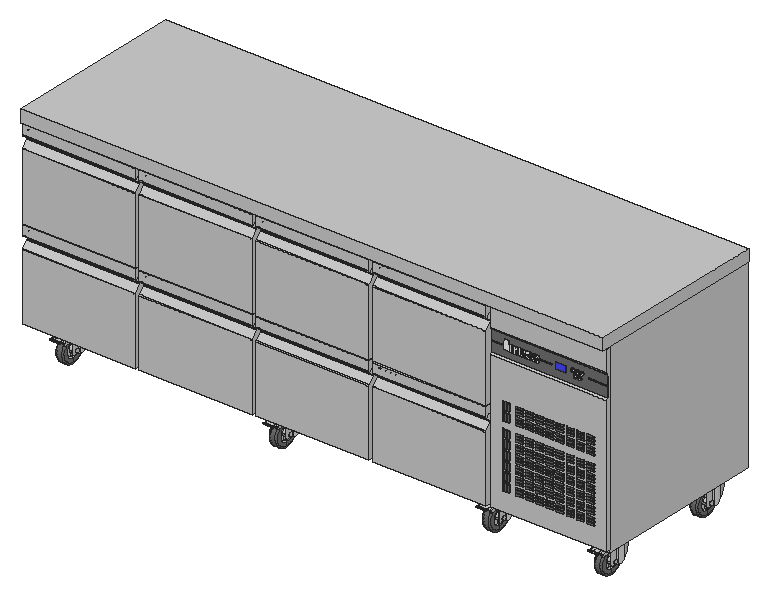
Revit family "QF_INOMAK_PNRP9999_250611031516", category Specialty Equipment, Revit 2021 (continued)
Definition of nested family "QF_INOMAK_REF_COUNTERS_2240_2920"
  Definition of nested family "QF_INOMAK_CONRTOL-PANEL"
    Forms (mm)
      Extrusion 1, solid
        sketch origin (-2240, -700, 0) x (-1, 0, 0) y (0, 0, 1)
          loop
            arc (-2152.4, 210.855) -> (-2155.4, 207.855) -> (-2152.4, 204.855) r 3
            line (-2152.4, 204.855) -> (-2128.4, 204.855)
            arc (-2128.4, 204.855) -> (-2125.4, 207.855) -> (-2128.4, 210.855) r 3
            line (-2128.4, 210.855) -> (-2152.4, 210.855)
          loop
            arc (-2113.4, 210.855) -> (-2116.4, 207.855) -> (-2113.4, 204.855) r 3
            line (-2113.4, 204.855) -> (-2089.4, 204.855)
            arc (-2089.4, 204.855) -> (-2086.4, 207.855) -> (-2089.4, 210.855) r 3
            line (-2089.4, 210.855) -> (-2113.4, 210.855)
          loop
            arc (-2074.4, 210.855) -> (-2077.4, 207.855) -> (-2074.4, 204.855) r 3
            line (-2074.4, 204.855) -> (-2050.4, 204.855)
            arc (-2050.4, 204.855) -> (-2047.4, 207.855) -> (-2050.4, 210.855) r 3
            line (-2050.4, 210.855) -> (-2074.4, 210.855)
          loop
            arc (-2035.4, 210.855) -> (-2038.4, 207.855) -> (-2035.4, 204.855) r 3
            line (-2035.4, 204.855) -> (-2011.4, 204.855)
            arc (-2011.4, 204.855) -> (-2008.4, 207.855) -> (-2011.4, 210.855) r 3
            line (-2011.4, 210.855) -> (-2035.4, 210.855)
          loop
            arc (-1996.4, 210.855) -> (-1999.4, 207.855) -> (-1996.4, 204.855) r 3
            line (-1996.4, 204.855) -> (-1972.4, 204.855)
            arc (-1972.4, 204.855) -> (-1969.4, 207.855) -> (-1972.4, 210.855) r 3
            line (-1972.4, 210.855) -> (-1996.4, 210.855)
          loop
            arc (-1957.4, 210.855) -> (-1960.4, 207.855) -> (-1957.4, 204.855) r 3
            line (-1957.4, 204.855) -> (-1933.4, 204.855)
            arc (-1933.4, 204.855) -> (-1930.4, 207.855) -> (-1933.4, 210.855) r 3
            line (-1933.4, 210.855) -> (-1957.4, 210.855)
          loop
            arc (-1918.4, 210.855) -> (-1921.4, 207.855) -> (-1918.4, 204.855) r 3
            line (-1918.4, 204.855) -> (-1894.4, 204.855)
            arc (-1894.4, 204.855) -> (-1891.4, 207.855) -> (-1894.4, 210.855) r 3
            line (-1894.4, 210.855) -> (-1918.4, 210.855)
          loop
            arc (-2191.4, 199.855) -> (-2194.4, 196.855) -> (-2191.4, 193.855) r 3
            line (-2191.4, 193.855) -> (-2167.4, 193.855)
            arc (-2167.4, 193.855) -> (-2164.4, 196.855) -> (-2167.4, 199.855) r 3
            line (-2167.4, 199.855) -> (-2191.4, 199.855)
          loop
            arc (-2152.4, 199.855) -> (-2155.4, 196.855) -> (-2152.4, 193.855) r 3
            line (-2152.4, 193.855) -> (-2128.4, 193.855)
            arc (-2128.4, 193.855) -> (-2125.4, 196.855) -> (-2128.4, 199.855) r 3
            line (-2128.4, 199.855) -> (-2152.4, 199.855)
          loop
            arc (-2113.4, 199.855) -> (-2116.4, 196.855) -> (-2113.4, 193.855) r 3
            line (-2113.4, 193.855) -> (-2089.4, 193.855)
            arc (-2089.4, 193.855) -> (-2086.4, 196.855) -> (-2089.4, 199.855) r 3
            line (-2089.4, 199.855) -> (-2113.4, 199.855)
          loop
            arc (-2074.4, 199.855) -> (-2077.4, 196.855) -> (-2074.4, 193.855) r 3
            line (-2074.4, 193.855) -> (-2050.4, 193.855)
            arc (-2050.4, 193.855) -> (-2047.4, 196.855) -> (-2050.4, 199.855) r 3
            line (-2050.4, 199.855) -> (-2074.4, 199.855)
          loop
            arc (-2035.4, 199.855) -> (-2038.4, 196.855) -> (-2035.4, 193.855) r 3
            line (-2035.4, 193.855) -> (-2011.4, 193.855)
            arc (-2011.4, 193.855) -> (-2008.4, 196.855) -> (-2011.4, 199.855) r 3
            line (-2011.4, 199.855) -> (-2035.4, 199.855)
          loop
            arc (-1996.4, 199.855) -> (-1999.4, 196.855) -> (-1996.4, 193.855) r 3
            line (-1996.4, 193.855) -> (-1972.4, 193.855)
            arc (-1972.4, 193.855) -> (-1969.4, 196.855) -> (-1972.4, 199.855) r 3
            line (-1972.4, 199.855) -> (-1996.4, 199.855)
          loop
            arc (-1957.4, 199.855) -> (-1960.4, 196.855) -> (-1957.4, 193.855) r 3
            line (-1957.4, 193.855) -> (-1933.4, 193.855)
            arc (-1933.4, 193.855) -> (-1930.4, 196.855) -> (-1933.4, 199.855) r 3
            line (-1933.4, 199.855) -> (-1957.4, 199.855)
          loop
            arc (-1918.4, 199.855) -> (-1921.4, 196.855) -> (-1918.4, 193.855) r 3
            line (-1918.4, 193.855) -> (-1894.4, 193.855)
            arc (-1894.4, 193.855) -> (-1891.4, 196.855) -> (-1894.4, 199.855) r 3
            line (-1894.4, 199.855) -> (-1918.4, 199.855)
          loop
            arc (-2191.4, 184.855) -> (-2194.4, 181.855) -> (-2191.4, 178.855) r 3
            line (-2191.4, 178.855) -> (-2167.4, 178.855)
            arc (-2167.4, 178.855) -> (-2164.4, 181.855) -> (-2167.4, 184.855) r 3
            line (-2167.4, 184.855) -> (-2191.4, 184.855)
          loop
            arc (-2152.4, 184.855) -> (-2155.4, 181.855) -> (-2152.4, 178.855) r 3
            line (-2152.4, 178.855) -> (-2128.4, 178.855)
            arc (-2128.4, 178.855) -> (-2125.4, 181.855) -> (-2128.4, 184.855) r 3
            line (-2128.4, 184.855) -> (-2152.4, 184.855)
          loop
            arc (-2113.4, 184.855) -> (-2116.4, 181.855) -> (-2113.4, 178.855) r 3
            line (-2113.4, 178.855) -> (-2089.4, 178.855)
            arc (-2089.4, 178.855) -> (-2086.4, 181.855) -> (-2089.4, 184.855) r 3
            line (-2089.4, 184.855) -> (-2113.4, 184.855)
          loop
            arc (-2074.4, 184.855) -> (-2077.4, 181.855) -> (-2074.4, 178.855) r 3
            line (-2074.4, 178.855) -> (-2050.4, 178.855)
            arc (-2050.4, 178.855) -> (-2047.4, 181.855) -> (-2050.4, 184.855) r 3
            line (-2050.4, 184.855) -> (-2074.4, 184.855)
          loop
            arc (-2035.4, 184.855) -> (-2038.4, 181.855) -> (-2035.4, 178.855) r 3
            line (-2035.4, 178.855) -> (-2011.4, 178.855)
            arc (-2011.4, 178.855) -> (-2008.4, 181.855) -> (-2011.4, 184.855) r 3
            line (-2011.4, 184.855) -> (-2035.4, 184.855)
          loop
            arc (-1996.4, 184.855) -> (-1999.4, 181.855) -> (-1996.4, 178.855) r 3
            line (-1996.4, 178.855) -> (-1972.4, 178.855)
            arc (-1972.4, 178.855) -> (-1969.4, 181.855) -> (-1972.4, 184.855) r 3
            line (-1972.4, 184.855) -> (-1996.4, 184.855)
          loop
            arc (-1957.4, 184.855) -> (-1960.4, 181.855) -> (-1957.4, 178.855) r 3
            line (-1957.4, 178.855) -> (-1933.4, 178.855)
            arc (-1933.4, 178.855) -> (-1930.4, 181.855) -> (-1933.4, 184.855) r 3
            line (-1933.4, 184.855) -> (-1957.4, 184.855)
          loop
            arc (-1918.4, 184.855) -> (-1921.4, 181.855) -> (-1918.4, 178.855) r 3
            line (-1918.4, 178.855) -> (-1894.4, 178.855)
            arc (-1894.4, 178.855) -> (-1891.4, 181.855) -> (-1894.4, 184.855) r 3
            line (-1894.4, 184.855) -> (-1918.4, 184.855)
          loop
            arc (-2191.4, 173.855) -> (-2194.4, 170.855) -> (-2191.4, 167.855) r 3
            line (-2191.4, 167.855) -> (-2167.4, 167.855)
            arc (-2167.4, 167.855) -> (-2164.4, 170.855) -> (-2167.4, 173.855) r 3
            line (-2167.4, 173.855) -> (-2191.4, 173.855)
          loop
            arc (-2152.4, 173.855) -> (-2155.4, 170.855) -> (-2152.4, 167.855) r 3
            line (-2152.4, 167.855) -> (-2128.4, 167.855)
            arc (-2128.4, 167.855) -> (-2125.4, 170.855) -> (-2128.4, 173.855) r 3
            line (-2128.4, 173.855) -> (-2152.4, 173.855)
          loop
            arc (-2113.4, 173.855) -> (-2116.4, 170.855) -> (-2113.4, 167.855) r 3
            line (-2113.4, 167.855) -> (-2089.4, 167.855)
            arc (-2089.4, 167.855) -> (-2086.4, 170.855) -> (-2089.4, 173.855) r 3
            line (-2089.4, 173.855) -> (-2113.4, 173.855)
          loop
            arc (-2074.4, 173.855) -> (-2077.4, 170.855) -> (-2074.4, 167.855) r 3
            line (-2074.4, 167.855) -> (-2050.4, 167.855)
            arc (-2050.4, 167.855) -> (-2047.4, 170.855) -> (-2050.4, 173.855) r 3
            line (-2050.4, 173.855) -> (-2074.4, 173.855)
          loop
            arc (-2035.4, 173.855) -> (-2038.4, 170.855) -> (-2035.4, 167.855) r 3
            line (-2035.4, 167.855) -> (-2011.4, 167.855)
            arc (-2011.4, 167.855) -> (-2008.4, 170.855) -> (-2011.4, 173.855) r 3
            line (-2011.4, 173.855) -> (-2035.4, 173.855)
          loop
            arc (-1996.4, 173.855) -> (-1999.4, 170.855) -> (-1996.4, 167.855) r 3
            line (-1996.4, 167.855) -> (-1972.4, 167.855)
            arc (-1972.4, 167.855) -> (-1969.4, 170.855) -> (-1972.4, 173.855) r 3
            line (-1972.4, 173.855) -> (-1996.4, 173.855)
          loop
            arc (-1957.4, 173.855) -> (-1960.4, 170.855) -> (-1957.4, 167.855) r 3
            line (-1957.4, 167.855) -> (-1933.4, 167.855)
            arc (-1933.4, 167.855) -> (-1930.4, 170.855) -> (-1933.4, 173.855) r 3
            line (-1933.4, 173.855) -> (-1957.4, 173.855)
          loop
            arc (-1918.4, 173.855) -> (-1921.4, 170.855) -> (-1918.4, 167.855) r 3
            line (-1918.4, 167.855) -> (-1894.4, 167.855)
            arc (-1894.4, 167.855) -> (-1891.4, 170.855) -> (-1894.4, 173.855) r 3
            line (-1894.4, 173.855) -> (-1918.4, 173.855)
          loop
            arc (-2191.4, 162.855) -> (-2194.4, 159.855) -> (-2191.4, 156.855) r 3
            line (-2191.4, 156.855) -> (-2167.4, 156.855)
            arc (-2167.4, 156.855) -> (-2164.4, 159.855) -> (-2167.4, 162.855) r 3
            line (-2167.4, 162.855) -> (-2191.4, 162.855)
          loop
            arc (-2152.4, 162.855) -> (-2155.4, 159.855) -> (-2152.4, 156.855) r 3
            line (-2152.4, 156.855) -> (-2128.4, 156.855)
            arc (-2128.4, 156.855) -> (-2125.4, 159.855) -> (-2128.4, 162.855) r 3
            line (-2128.4, 162.855) -> (-2152.4, 162.855)
          loop
            arc (-2113.4, 162.855) -> (-2116.4, 159.855) -> (-2113.4, 156.855) r 3
            line (-2113.4, 156.855) -> (-2089.4, 156.855)
            arc (-2089.4, 156.855) -> (-2086.4, 159.855) -> (-2089.4, 162.855) r 3
            line (-2089.4, 162.855) -> (-2113.4, 162.855)
          loop
            arc (-2074.4, 162.855) -> (-2077.4, 159.855) -> (-2074.4, 156.855) r 3
            line (-2074.4, 156.855) -> (-2050.4, 156.855)
            arc (-2050.4, 156.855) -> (-2047.4, 159.855) -> (-2050.4, 162.855) r 3
            line (-2050.4, 162.855) -> (-2074.4, 162.855)
          loop
            arc (-2035.4, 162.855) -> (-2038.4, 159.855) -> (-2035.4, 156.855) r 3
            line (-2035.4, 156.855) -> (-2011.4, 156.855)
            arc (-2011.4, 156.855) -> (-2008.4, 159.855) -> (-2011.4, 162.855) r 3
            line (-2011.4, 162.855) -> (-2035.4, 162.855)
          loop
            arc (-1996.4, 162.855) -> (-1999.4, 159.855) -> (-1996.4, 156.855) r 3
            line (-1996.4, 156.855) -> (-1972.4, 156.855)
            arc (-1972.4, 156.855) -> (-1969.4, 159.855) -> (-1972.4, 162.855) r 3
            line (-1972.4, 162.855) -> (-1996.4, 162.855)
          loop
            arc (-1957.4, 162.855) -> (-1960.4, 159.855) -> (-1957.4, 156.855) r 3
            line (-1957.4, 156.855) -> (-1933.4, 156.855)
            arc (-1933.4, 156.855) -> (-1930.4, 159.855) -> (-1933.4, 162.855) r 3
            line (-1933.4, 162.855) -> (-1957.4, 162.855)
          loop
            arc (-1918.4, 162.855) -> (-1921.4, 159.855) -> (-1918.4, 156.855) r 3
            line (-1918.4, 156.855) -> (-1894.4, 156.855)
            arc (-1894.4, 156.855) -> (-1891.4, 159.855) -> (-1894.4, 162.855) r 3
            line (-1894.4, 162.855) -> (-1918.4, 162.855)
          loop
            arc (-2191.4, 147.855) -> (-2194.4, 144.855) -> (-2191.4, 141.855) r 3
            line (-2191.4, 141.855) -> (-2167.4, 141.855)
            arc (-2167.4, 141.855) -> (-2164.4, 144.855) -> (-2167.4, 147.855) r 3
            line (-2167.4, 147.855) -> (-2191.4, 147.855)
          loop
            arc (-2152.4, 147.855) -> (-2155.4, 144.855) -> (-2152.4, 141.855) r 3
            line (-2152.4, 141.855) -> (-2128.4, 141.855)
            arc (-2128.4, 141.855) -> (-2125.4, 144.855) -> (-2128.4, 147.855) r 3
            line (-2128.4, 147.855) -> (-2152.4, 147.855)
          loop
            arc (-2113.4, 147.855) -> (-2116.4, 144.855) -> (-2113.4, 141.855) r 3
            line (-2113.4, 141.855) -> (-2089.4, 141.855)
            arc (-2089.4, 141.855) -> (-2086.4, 144.855) -> (-2089.4, 147.855) r 3
            line (-2089.4, 147.855) -> (-2113.4, 147.855)
          loop
            arc (-2074.4, 147.855) -> (-2077.4, 144.855) -> (-2074.4, 141.855) r 3
            line (-2074.4, 141.855) -> (-2050.4, 141.855)
            arc (-2050.4, 141.855) -> (-2047.4, 144.855) -> (-2050.4, 147.855) r 3
            line (-2050.4, 147.855) -> (-2074.4, 147.855)
          loop
            arc (-2035.4, 147.855) -> (-2038.4, 144.855) -> (-2035.4, 141.855) r 3
            line (-2035.4, 141.855) -> (-2011.4, 141.855)
            arc (-2011.4, 141.855) -> (-2008.4, 144.855) -> (-2011.4, 147.855) r 3
            line (-2011.4, 147.855) -> (-2035.4, 147.855)
          loop
            arc (-1996.4, 147.855) -> (-1999.4, 144.855) -> (-1996.4, 141.855) r 3
            line (-1996.4, 141.855) -> (-1972.4, 141.855)
            arc (-1972.4, 141.855) -> (-1969.4, 144.855) -> (-1972.4, 147.855) r 3
            line (-1972.4, 147.855) -> (-1996.4, 147.855)
          loop
            arc (-1957.4, 147.855) -> (-1960.4, 144.855) -> (-1957.4, 141.855) r 3
            line (-1957.4, 141.855) -> (-1933.4, 141.855)
            arc (-1933.4, 141.855) -> (-1930.4, 144.855) -> (-1933.4, 147.855) r 3
            line (-1933.4, 147.855) -> (-1957.4, 147.855)
          loop
            arc (-1918.4, 147.855) -> (-1921.4, 144.855) -> (-1918.4, 141.855) r 3
            line (-1918.4, 141.855) -> (-1894.4, 141.855)
            arc (-1894.4, 141.855) -> (-1891.4, 144.855) -> (-1894.4, 147.855) r 3
            line (-1894.4, 147.855) -> (-1918.4, 147.855)
          loop
            arc (-2191.4, 136.855) -> (-2194.4, 133.855) -> (-2191.4, 130.855) r 3
            line (-2191.4, 130.855) -> (-2167.4, 130.855)
            arc (-2167.4, 130.855) -> (-2164.4, 133.855) -> (-2167.4, 136.855) r 3
            line (-2167.4, 136.855) -> (-2191.4, 136.855)
          loop
            arc (-2152.4, 136.855) -> (-2155.4, 133.855) -> (-2152.4, 130.855) r 3
            line (-2152.4, 130.855) -> (-2128.4, 130.855)
            arc (-2128.4, 130.855) -> (-2125.4, 133.855) -> (-2128.4, 136.855) r 3
            line (-2128.4, 136.855) -> (-2152.4, 136.855)
          loop
            arc (-2113.4, 136.855) -> (-2116.4, 133.855) -> (-2113.4, 130.855) r 3
            line (-2113.4, 130.855) -> (-2089.4, 130.855)
            arc (-2089.4, 130.855) -> (-2086.4, 133.855) -> (-2089.4, 136.855) r 3
            line (-2089.4, 136.855) -> (-2113.4, 136.855)
          loop
            arc (-2074.4, 136.855) -> (-2077.4, 133.855) -> (-2074.4, 130.855) r 3
            line (-2074.4, 130.855) -> (-2050.4, 130.855)
            arc (-2050.4, 130.855) -> (-2047.4, 133.855) -> (-2050.4, 136.855) r 3
            line (-2050.4, 136.855) -> (-2074.4, 136.855)
          loop
            arc (-2035.4, 136.855) -> (-2038.4, 133.855) -> (-2035.4, 130.855) r 3
            line (-2035.4, 130.855) -> (-2011.4, 130.855)
            arc (-2011.4, 130.855) -> (-2008.4, 133.855) -> (-2011.4, 136.855) r 3
            line (-2011.4, 136.855) -> (-2035.4, 136.855)
          loop
            arc (-1996.4, 136.855) -> (-1999.4, 133.855) -> (-1996.4, 130.855) r 3
            line (-1996.4, 130.855) -> (-1972.4, 130.855)
            arc (-1972.4, 130.855) -> (-1969.4, 133.855) -> (-1972.4, 136.855) r 3
            line (-1972.4, 136.855) -> (-1996.4, 136.855)
          loop
            arc (-1957.4, 136.855) -> (-1960.4, 133.855) -> (-1957.4, 130.855) r 3
            line (-1957.4, 130.855) -> (-1933.4, 130.855)
            arc (-1933.4, 130.855) -> (-1930.4, 133.855) -> (-1933.4, 136.855) r 3
            line (-1933.4, 136.855) -> (-1957.4, 136.855)
          loop
            arc (-1918.4, 136.855) -> (-1921.4, 133.855) -> (-1918.4, 130.855) r 3
            line (-1918.4, 130.855) -> (-1894.4, 130.855)
            arc (-1894.4, 130.855) -> (-1891.4, 133.855) -> (-1894.4, 136.855) r 3
            line (-1894.4, 136.855) -> (-1918.4, 136.855)
          loop
            arc (-2191.4, 125.855) -> (-2194.4, 122.855) -> (-2191.4, 119.855) r 3
            line (-2191.4, 119.855) -> (-2167.4, 119.855)
            arc (-2167.4, 119.855) -> (-2164.4, 122.855) -> (-2167.4, 125.855) r 3
            line (-2167.4, 125.855) -> (-2191.4, 125.855)
          loop
            arc (-2152.4, 125.855) -> (-2155.4, 122.855) -> (-2152.4, 119.855) r 3
            line (-2152.4, 119.855) -> (-2128.4, 119.855)
            arc (-2128.4, 119.855) -> (-2125.4, 122.855) -> (-2128.4, 125.855) r 3
            line (-2128.4, 125.855) -> (-2152.4, 125.855)
          loop
            arc (-2113.4, 125.855) -> (-2116.4, 122.855) -> (-2113.4, 119.855) r 3
            line (-2113.4, 119.855) -> (-2089.4, 119.855)
            arc (-2089.4, 119.855) -> (-2086.4, 122.855) -> (-2089.4, 125.855) r 3
            line (-2089.4, 125.855) -> (-2113.4, 125.855)
          loop
            arc (-2074.4, 125.855) -> (-2077.4, 122.855) -> (-2074.4, 119.855) r 3
            line (-2074.4, 119.855) -> (-2050.4, 119.855)
            arc (-2050.4, 119.855) -> (-2047.4, 122.855) -> (-2050.4, 125.855) r 3
            line (-2050.4, 125.855) -> (-2074.4, 125.855)
          loop
            arc (-2035.4, 125.855) -> (-2038.4, 122.855) -> (-2035.4, 119.855) r 3
            line (-2035.4, 119.855) -> (-2011.4, 119.855)
            arc (-2011.4, 119.855) -> (-2008.4, 122.855) -> (-2011.4, 125.855) r 3
            line (-2011.4, 125.855) -> (-2035.4, 125.855)
          loop
            arc (-1996.4, 125.855) -> (-1999.4, 122.855) -> (-1996.4, 119.855) r 3
            line (-1996.4, 119.855) -> (-1972.4, 119.855)
            arc (-1972.4, 119.855) -> (-1969.4, 122.855) -> (-1972.4, 125.855) r 3
            line (-1972.4, 125.855) -> (-1996.4, 125.855)
          loop
            arc (-1957.4, 125.855) -> (-1960.4, 122.855) -> (-1957.4, 119.855) r 3
            line (-1957.4, 119.855) -> (-1933.4, 119.855)
            arc (-1933.4, 119.855) -> (-1930.4, 122.855) -> (-1933.4, 125.855) r 3
            line (-1933.4, 125.855) -> (-1957.4, 125.855)
          loop
            arc (-1918.4, 125.855) -> (-1921.4, 122.855) -> (-1918.4, 119.855) r 3
            line (-1918.4, 119.855) -> (-1894.4, 119.855)
            arc (-1894.4, 119.855) -> (-1891.4, 122.855) -> (-1894.4, 125.855) r 3
            line (-1894.4, 125.855) -> (-1918.4, 125.855)
          loop
            arc (-2191.4, 110.855) -> (-2194.4, 107.855) -> (-2191.4, 104.855) r 3
            line (-2191.4, 104.855) -> (-2167.4, 104.855)
            arc (-2167.4, 104.855) -> (-2164.4, 107.855) -> (-2167.4, 110.855) r 3
            line (-2167.4, 110.855) -> (-2191.4, 110.855)
          loop
            arc (-2152.4, 110.855) -> (-2155.4, 107.855) -> (-2152.4, 104.855) r 3
            line (-2152.4, 104.855) -> (-2128.4, 104.855)
            arc (-2128.4, 104.855) -> (-2125.4, 107.855) -> (-2128.4, 110.855) r 3
            line (-2128.4, 110.855) -> (-2152.4, 110.855)
          loop
            arc (-2113.4, 110.855) -> (-2116.4, 107.855) -> (-2113.4, 104.855) r 3
            line (-2113.4, 104.855) -> (-2089.4, 104.855)
            arc (-2089.4, 104.855) -> (-2086.4, 107.855) -> (-2089.4, 110.855) r 3
            line (-2089.4, 110.855) -> (-2113.4, 110.855)
          loop
            arc (-2074.4, 110.855) -> (-2077.4, 107.855) -> (-2074.4, 104.855) r 3
            line (-2074.4, 104.855) -> (-2050.4, 104.855)
            arc (-2050.4, 104.855) -> (-2047.4, 107.855) -> (-2050.4, 110.855) r 3
            line (-2050.4, 110.855) -> (-2074.4, 110.855)
          loop
            arc (-2035.4, 110.855) -> (-2038.4, 107.855) -> (-2035.4, 104.855) r 3
            line (-2035.4, 104.855) -> (-2011.4, 104.855)
            arc (-2011.4, 104.855) -> (-2008.4, 107.855) -> (-2011.4, 110.855) r 3
            line (-2011.4, 110.855) -> (-2035.4, 110.855)
          loop
            arc (-1996.4, 110.855) -> (-1999.4, 107.855) -> (-1996.4, 104.855) r 3
            line (-1996.4, 104.855) -> (-1972.4, 104.855)
            arc (-1972.4, 104.855) -> (-1969.4, 107.855) -> (-1972.4, 110.855) r 3
            line (-1972.4, 110.855) -> (-1996.4, 110.855)
          loop
            arc (-1957.4, 110.855) -> (-1960.4, 107.855) -> (-1957.4, 104.855) r 3
            line (-1957.4, 104.855) -> (-1933.4, 104.855)
            arc (-1933.4, 104.855) -> (-1930.4, 107.855) -> (-1933.4, 110.855) r 3
            line (-1933.4, 110.855) -> (-1957.4, 110.855)
          loop
            arc (-1918.4, 110.855) -> (-1921.4, 107.855) -> (-1918.4, 104.855) r 3
            line (-1918.4, 104.855) -> (-1894.4, 104.855)
            arc (-1894.4, 104.855) -> (-1891.4, 107.855) -> (-1894.4, 110.855) r 3
            line (-1894.4, 110.855) -> (-1918.4, 110.855)
          loop
            arc (-2191.4, 99.855) -> (-2194.4, 96.855) -> (-2191.4, 93.855) r 3
            line (-2191.4, 93.855) -> (-2167.4, 93.855)
            arc (-2167.4, 93.855) -> (-2164.4, 96.855) -> (-2167.4, 99.855) r 3
            line (-2167.4, 99.855) -> (-2191.4, 99.855)
          loop
            arc (-2152.4, 99.855) -> (-2155.4, 96.855) -> (-2152.4, 93.855) r 3
            line (-2152.4, 93.855) -> (-2128.4, 93.855)
            arc (-2128.4, 93.855) -> (-2125.4, 96.855) -> (-2128.4, 99.855) r 3
            line (-2128.4, 99.855) -> (-2152.4, 99.855)
          loop
            arc (-2113.4, 99.855) -> (-2116.4, 96.855) -> (-2113.4, 93.855) r 3
            line (-2113.4, 93.855) -> (-2089.4, 93.855)
            arc (-2089.4, 93.855) -> (-2086.4, 96.855) -> (-2089.4, 99.855) r 3
            line (-2089.4, 99.855) -> (-2113.4, 99.855)
          loop
            arc (-2074.4, 99.855) -> (-2077.4, 96.855) -> (-2074.4, 93.855) r 3
            line (-2074.4, 93.855) -> (-2050.4, 93.855)
            arc (-2050.4, 93.855) -> (-2047.4, 96.855) -> (-2050.4, 99.855) r 3
            line (-2050.4, 99.855) -> (-2074.4, 99.855)
          loop
            arc (-2035.4, 99.855) -> (-2038.4, 96.855) -> (-2035.4, 93.855) r 3
            line (-2035.4, 93.855) -> (-2011.4, 93.855)
            arc (-2011.4, 93.855) -> (-2008.4, 96.855) -> (-2011.4, 99.855) r 3
            line (-2011.4, 99.855) -> (-2035.4, 99.855)
          loop
            arc (-1996.4, 99.855) -> (-1999.4, 96.855) -> (-1996.4, 93.855) r 3
            line (-1996.4, 93.855) -> (-1972.4, 93.855)
            arc (-1972.4, 93.855) -> (-1969.4, 96.855) -> (-1972.4, 99.855) r 3
            line (-1972.4, 99.855) -> (-1996.4, 99.855)
          loop
            arc (-1957.4, 99.855) -> (-1960.4, 96.855) -> (-1957.4, 93.855) r 3
            line (-1957.4, 93.855) -> (-1933.4, 93.855)
            arc (-1933.4, 93.855) -> (-1930.4, 96.855) -> (-1933.4, 99.855) r 3
            line (-1933.4, 99.855) -> (-1957.4, 99.855)
          loop
            arc (-1918.4, 99.855) -> (-1921.4, 96.855) -> (-1918.4, 93.855) r 3
            line (-1918.4, 93.855) -> (-1894.4, 93.855)
            arc (-1894.4, 93.855) -> (-1891.4, 96.855) -> (-1894.4, 99.855) r 3
            line (-1894.4, 99.855) -> (-1918.4, 99.855)
          loop
            arc (-2191.4, 88.855) -> (-2194.4, 85.855) -> (-2191.4, 82.855) r 3
            line (-2191.4, 82.855) -> (-2167.4, 82.855)
            arc (-2167.4, 82.855) -> (-2164.4, 85.855) -> (-2167.4, 88.855) r 3
            line (-2167.4, 88.855) -> (-2191.4, 88.855)
          loop
            arc (-2152.4, 88.855) -> (-2155.4, 85.855) -> (-2152.4, 82.855) r 3
            line (-2152.4, 82.855) -> (-2128.4, 82.855)
            arc (-2128.4, 82.855) -> (-2125.4, 85.855) -> (-2128.4, 88.855) r 3
            line (-2128.4, 88.855) -> (-2152.4, 88.855)
          loop
            arc (-2113.4, 88.855) -> (-2116.4, 85.855) -> (-2113.4, 82.855) r 3
            line (-2113.4, 82.855) -> (-2089.4, 82.855)
            arc (-2089.4, 82.855) -> (-2086.4, 85.855) -> (-2089.4, 88.855) r 3
            line (-2089.4, 88.855) -> (-2113.4, 88.855)
          loop
            arc (-2074.4, 88.855) -> (-2077.4, 85.855) -> (-2074.4, 82.855) r 3
            line (-2074.4, 82.855) -> (-2050.4, 82.855)
            arc (-2050.4, 82.855) -> (-2047.4, 85.855) -> (-2050.4, 88.855) r 3
            line (-2050.4, 88.855) -> (-2074.4, 88.855)
          loop
            arc (-2035.4, 88.855) -> (-2038.4, 85.855) -> (-2035.4, 82.855) r 3
            line (-2035.4, 82.855) -> (-2011.4, 82.855)
            arc (-2011.4, 82.855) -> (-2008.4, 85.855) -> (-2011.4, 88.855) r 3
            line (-2011.4, 88.855) -> (-2035.4, 88.855)
          loop
            arc (-1996.4, 88.855) -> (-1999.4, 85.855) -> (-1996.4, 82.855) r 3
            line (-1996.4, 82.855) -> (-1972.4, 82.855)
            arc (-1972.4, 82.855) -> (-1969.4, 85.855) -> (-1972.4, 88.855) r 3
            line (-1972.4, 88.855) -> (-1996.4, 88.855)
          loop
            arc (-1957.4, 88.855) -> (-1960.4, 85.855) -> (-1957.4, 82.855) r 3
            line (-1957.4, 82.855) -> (-1933.4, 82.855)
            arc (-1933.4, 82.855) -> (-1930.4, 85.855) -> (-1933.4, 88.855) r 3
            line (-1933.4, 88.855) -> (-1957.4, 88.855)
          loop
            arc (-1918.4, 88.855) -> (-1921.4, 85.855) -> (-1918.4, 82.855) r 3
            line (-1918.4, 82.855) -> (-1894.4, 82.855)
            arc (-1894.4, 82.855) -> (-1891.4, 85.855) -> (-1894.4, 88.855) r 3
            line (-1894.4, 88.855) -> (-1918.4, 88.855)
          loop
            arc (-1840.4, 387.855) -> (-1843.4, 390.855) -> (-1846.4, 387.855) r 3
            line (-1846.4, 387.855) -> (-1846.4, 363.855)
            arc (-1846.4, 363.855) -> (-1843.4, 360.855) -> (-1840.4, 363.855) r 3
            line (-1840.4, 363.855) -> (-1840.4, 387.855)
          loop
            arc (-1851.4, 387.855) -> (-1854.4, 390.855) -> (-1857.4, 387.855) r 3
            line (-1857.4, 387.855) -> (-1857.4, 363.855)
            arc (-1857.4, 363.855) -> (-1854.4, 360.855) -> (-1851.4, 363.855) r 3
            line (-1851.4, 363.855) -> (-1851.4, 387.855)
          loop
            arc (-1862.4, 387.855) -> (-1865.4, 390.855) -> (-1868.4, 387.855) r 3
            line (-1868.4, 387.855) -> (-1868.4, 363.855)
            arc (-1868.4, 363.855) -> (-1865.4, 360.855) -> (-1862.4, 363.855) r 3
            line (-1862.4, 363.855) -> (-1862.4, 387.855)
          loop
            arc (-1840.4, 350.855) -> (-1843.4, 353.855) -> (-1846.4, 350.855) r 3
            line (-1846.4, 350.855) -> (-1846.4, 326.855)
            arc (-1846.4, 326.855) -> (-1843.4, 323.855) -> (-1840.4, 326.855) r 3
            line (-1840.4, 326.855) -> (-1840.4, 350.855)
          loop
            arc (-1851.4, 350.855) -> (-1854.4, 353.855) -> (-1857.4, 350.855) r 3
            line (-1857.4, 350.855) -> (-1857.4, 326.855)
            arc (-1857.4, 326.855) -> (-1854.4, 323.855) -> (-1851.4, 326.855) r 3
            line (-1851.4, 326.855) -> (-1851.4, 350.855)
          loop
            arc (-1862.4, 350.855) -> (-1865.4, 353.855) -> (-1868.4, 350.855) r 3
            line (-1868.4, 350.855) -> (-1868.4, 326.855)
            arc (-1868.4, 326.855) -> (-1865.4, 323.855) -> (-1862.4, 326.855) r 3
            line (-1862.4, 326.855) -> (-1862.4, 350.855)
          loop
            arc (-1840.4, 293.855) -> (-1843.4, 296.855) -> (-1846.4, 293.855) r 3
            line (-1846.4, 293.855) -> (-1846.4, 269.855)
            arc (-1846.4, 269.855) -> (-1843.4, 266.855) -> (-1840.4, 269.855) r 3
            line (-1840.4, 269.855) -> (-1840.4, 293.855)
          loop
            arc (-1851.4, 293.855) -> (-1854.4, 296.855) -> (-1857.4, 293.855) r 3
            line (-1857.4, 293.855) -> (-1857.4, 269.855)
            arc (-1857.4, 269.855) -> (-1854.4, 266.855) -> (-1851.4, 269.855) r 3
            line (-1851.4, 269.855) -> (-1851.4, 293.855)
          loop
            arc (-1862.4, 293.855) -> (-1865.4, 296.855) -> (-1868.4, 293.855) r 3
            line (-1868.4, 293.855) -> (-1868.4, 269.855)
            arc (-1868.4, 269.855) -> (-1865.4, 266.855) -> (-1862.4, 269.855) r 3
            line (-1862.4, 269.855) -> (-1862.4, 293.855)
          loop
            arc (-1840.4, 256.855) -> (-1843.4, 259.855) -> (-1846.4, 256.855) r 3
            line (-1846.4, 256.855) -> (-1846.4, 232.855)
            arc (-1846.4, 232.855) -> (-1843.4, 229.855) -> (-1840.4, 232.855) r 3
            line (-1840.4, 232.855) -> (-1840.4, 256.855)
          loop
            arc (-1851.4, 256.855) -> (-1854.4, 259.855) -> (-1857.4, 256.855) r 3
            line (-1857.4, 256.855) -> (-1857.4, 232.855)
            arc (-1857.4, 232.855) -> (-1854.4, 229.855) -> (-1851.4, 232.855) r 3
            line (-1851.4, 232.855) -> (-1851.4, 256.855)
          loop
            arc (-1862.4, 256.855) -> (-1865.4, 259.855) -> (-1868.4, 256.855) r 3
            line (-1868.4, 256.855) -> (-1868.4, 232.855)
            arc (-1868.4, 232.855) -> (-1865.4, 229.855) -> (-1862.4, 232.855) r 3
            line (-1862.4, 232.855) -> (-1862.4, 256.855)
          loop
            arc (-1840.4, 219.855) -> (-1843.4, 222.855) -> (-1846.4, 219.855) r 3
            line (-1846.4, 219.855) -> (-1846.4, 195.855)
            arc (-1846.4, 195.855) -> (-1843.4, 192.855) -> (-1840.4, 195.855) r 3
            line (-1840.4, 195.855) -> (-1840.4, 219.855)
          loop
            arc (-1851.4, 219.855) -> (-1854.4, 222.855) -> (-1857.4, 219.855) r 3
            line (-1857.4, 219.855) -> (-1857.4, 195.855)
            arc (-1857.4, 195.855) -> (-1854.4, 192.855) -> (-1851.4, 195.855) r 3
            line (-1851.4, 195.855) -> (-1851.4, 219.855)
          loop
            arc (-1862.4, 219.855) -> (-1865.4, 222.855) -> (-1868.4, 219.855) r 3
            line (-1868.4, 219.855) -> (-1868.4, 195.855)
            arc (-1868.4, 195.855) -> (-1865.4, 192.855) -> (-1862.4, 195.855) r 3
            line (-1862.4, 195.855) -> (-1862.4, 219.855)
          loop
            arc (-1840.4, 182.855) -> (-1843.4, 185.855) -> (-1846.4, 182.855) r 3
            line (-1846.4, 182.855) -> (-1846.4, 158.855)
            arc (-1846.4, 158.855) -> (-1843.4, 155.855) -> (-1840.4, 158.855) r 3
            line (-1840.4, 158.855) -> (-1840.4, 182.855)
          loop
            arc (-1851.4, 182.855) -> (-1854.4, 185.855) -> (-1857.4, 182.855) r 3
            line (-1857.4, 182.855) -> (-1857.4, 158.855)
            arc (-1857.4, 158.855) -> (-1854.4, 155.855) -> (-1851.4, 158.855) r 3
            line (-1851.4, 158.855) -> (-1851.4, 182.855)
          loop
            arc (-1862.4, 182.855) -> (-1865.4, 185.855) -> (-1868.4, 182.855) r 3
            line (-1868.4, 182.855) -> (-1868.4, 158.855)
            arc (-1868.4, 158.855) -> (-1865.4, 155.855) -> (-1862.4, 158.855) r 3
            line (-1862.4, 158.855) -> (-1862.4, 182.855)
          loop
            arc (-1840.4, 145.855) -> (-1843.4, 148.855) -> (-1846.4, 145.855) r 3
            line (-1846.4, 145.855) -> (-1846.4, 121.855)
            arc (-1846.4, 121.855) -> (-1843.4, 118.855) -> (-1840.4, 121.855) r 3
            line (-1840.4, 121.855) -> (-1840.4, 145.855)
          loop
            arc (-1851.4, 145.855) -> (-1854.4, 148.855) -> (-1857.4, 145.855) r 3
            line (-1857.4, 145.855) -> (-1857.4, 121.855)
            arc (-1857.4, 121.855) -> (-1854.4, 118.855) -> (-1851.4, 121.855) r 3
            line (-1851.4, 121.855) -> (-1851.4, 145.855)
          loop
            arc (-1862.4, 145.855) -> (-1865.4, 148.855) -> (-1868.4, 145.855) r 3
            line (-1868.4, 145.855) -> (-1868.4, 121.855)
            arc (-1868.4, 121.855) -> (-1865.4, 118.855) -> (-1862.4, 121.855) r 3
            line (-1862.4, 121.855) -> (-1862.4, 145.855)
          loop
            arc (-1840.4, 108.855) -> (-1843.4, 111.855) -> (-1846.4, 108.855) r 3
            line (-1846.4, 108.855) -> (-1846.4, 84.855)
            arc (-1846.4, 84.855) -> (-1843.4, 81.855) -> (-1840.4, 84.855) r 3
            line (-1840.4, 84.855) -> (-1840.4, 108.855)
          loop
            arc (-1851.4, 108.855) -> (-1854.4, 111.855) -> (-1857.4, 108.855) r 3
            line (-1857.4, 108.855) -> (-1857.4, 84.855)
            arc (-1857.4, 84.855) -> (-1854.4, 81.855) -> (-1851.4, 84.855) r 3
            line (-1851.4, 84.855) -> (-1851.4, 108.855)
          loop
            arc (-1862.4, 108.855) -> (-1865.4, 111.855) -> (-1868.4, 108.855) r 3
            line (-1868.4, 108.855) -> (-1868.4, 84.855)
            arc (-1868.4, 84.855) -> (-1865.4, 81.855) -> (-1862.4, 84.855) r 3
            line (-1862.4, 84.855) -> (-1862.4, 108.855)
        from 16.5 to 19
    Dimensions and locks
      "Length": plane 3 "Left" to plane 4 "Right"
      "Depth": plane 5 "Front" to plane 1 "Back"
      "Front offset": plane 7 "Front offset" to plane 5 "Front"
      "Height": plane 6 "Top" to plane 2
      aligned and locked: level to plane 2
    Automatic sketch dimensions
      plane 4 "Right" to Extrusion 1 sketch curve = 48.6 mm  (x3)
      Extrusion 1 sketch curve to Extrusion 1 sketch curve = 0 mm  (x322)
      Extrusion 1 sketch curve to Extrusion 1 sketch curve = 24 mm  (x53)
      Extrusion 1 sketch curve to Extrusion 1 sketch curve = 15 mm  (x52)
      Extrusion 1 sketch curve to Extrusion 1 sketch curve = 26 mm  (x7)
      Extrusion 1 sketch curve to Extrusion 1 sketch curve = 3 mm  (x216)
      Extrusion 1 sketch curve to Extrusion 1 sketch curve = 5 mm  (x144)
      level to Extrusion 1 sketch curve = 82.855 mm  (x2)
      Extrusion 1 sketch curve to Extrusion 1 sketch curve = 2 mm
      Extrusion 1 sketch curve to Extrusion 1 sketch curve = 9 mm  (x48)
      Extrusion 1 sketch curve to Extrusion 1 sketch curve = 13 mm  (x9)
      Extrusion 1 sketch curve to Extrusion 1 sketch curve = 29 mm  (x6)
      Extrusion 1 sketch curve to Extrusion 1 sketch curve = 33 mm
Definition of nested family "QF_INOMAK_REF_COUNTERS_DOORS_DRAWERS_6956"
  Parameters (values of type "DR-LX-710")
    Weight [instance] = 0.00 kg
    Warranty Start Date [instance] = ""
    Warranty Duration [instance] = ""
    URL Cutsheet [instance] = ""
    URL = "www.inomak.com"
    Top inset [instance] = 10 mm
    Technical Documentation [instance] = ""
    Tag Number [instance] = ""
    Status [instance] = ""
    Specification by User [instance] = ""
    Specification by Manufacturer [instance] = ""
    Sound Level [instance] = ""
    Solid Fuel Type [instance] = ""
    Show Logo [instance] = yes
    Show Clearances [instance] = yes
    Service Life Duration [instance] = ""
    Serial Number [instance] = ""
    Seismic Rating [instance] = ""
    SMACNA No [instance] = ""
    Right panel thickness [instance] = 0 mm
    Revision Code [instance] = ""
    Revision [instance] = ""
    Rear inset [instance] = 0 mm
    Production Year [instance] = ""
    Point Load [instance] = 0
    Plinth height [instance] = 0 mm
    Other Equipment Approvals [instance] = ""
    NAFEM Spec ID Number [instance] = ""
    Model Warning [instance] = ""
    Model = "DR-LX-710"
    Masterspec [instance] = ""
    Manufacturer = "INOMAK"
    Length Actual [instance] = 435 mm
    Left panel thickness [instance] = 0 mm
    Item Number [instance] = ""
    Installed By [instance] = ""
    Installation Date [instance] = ""
    Identify Quantity as Lot [instance] = yes
    ID [instance] = ""
    Hygiene Approval [instance] = ""
    Height Actual [instance] = 710 mm
    Furnished By [instance] = ""
    Front inset [instance] = 10 mm
    Foodservice Equipment Identifier [instance] = yes
    Finish [instance] = none
    ETL Approved [instance] = yes
    Doors drawers type [instance] = 8
    Description = "LEFT HINGED DOOR"
    Depth Actual [instance] = 700 mm
    Default Elevation = 0 mm
    CSI MasterFormat [instance] = ""
    CE Approved [instance] = yes
    Bottom inset [instance] = 10 mm
    Barcode [instance] = ""
    Author [instance] = ""
    Asset Identifier [instance] = ""
    Assembly Code = "E1090320"
    Accessory [instance] = yes
  Types (9, lengths in mm): name | Model | Height Actual | Doors drawers type | Description
    DW-2-710 | "DW-2-710" | 710 | 4 | "2 X GN 1/2 DRAWERS"
    DR-LX-710 | "DR-LX-710" | 710 | 8 | "LEFT HINGED DOOR"
    DR-RX-710 | "DR-RX-710" | 710 | 9 | "RIGHT HINGED DOOR"
    DW-3-710 | "DW-3-710" | 710 | 6 | "3 X GN 1/3 DRAWERS"
    DW-B-710 | "DW-B-710" | 710 | 5 | "1 X GN 1/3 & 1 X GN 2/3 DRAWERS"
    DW-2-483 | "DW-2-483" | 483 | 4 | "2 X GN 1/3 DRAWERS"
    DR-LX-483 | "DR-LX-483" | 483 | 8 | "LEFT HINGED DOOR"
    DR-RX-483 | "DR-RX-483" | 483 | 9 | "RIGHT HINGED DOOR"
    DW-1-483 | "DW-1-483" | 483 | 10 | "1 X GN 2/3 DRAWER"
  Reference planes
    plane 1 "Front": y = 0
    plane 2: z = 0
    plane 3 "Left": x = 0
    plane 4 "Right": x = 435
    plane 5 "Back": y = 700
    plane 6 "Top": z = 710
    plane 7 "Bottom shelf": z = 0
    plane 8: z = 700
    plane 9: z = 10
    plane 10: x = 0
    plane 11: x = 435
    plane 12 "Center Top Bottom": z = 355
  Lines and regions (mm)
    reference lines
      curve 1: line (0, 0, 355) -> (0, 25, 355)
      curve 2: line (435, 0, 355) -> (435, 25, 355)
      curve 3: line (0, 700, 355) -> (435, 700, 355)
      curve 4: line (0, 0, 355) -> (435, 0, 355)
  Dimensions and locks
    "Length Actual": plane 3 "Left" to plane 4 "Right"
    "Depth Actual": plane 1 "Front" to plane 5 "Back"
    "Height Actual": plane 6 "Top" to plane 7 "Bottom shelf"
    "Plinth height": plane 7 "Bottom shelf" to plane 2
    "Top inset": plane 6 "Top" to plane 8
    "Bottom inset": plane 9 to plane 7 "Bottom shelf"
    "Left panel thickness": plane 3 "Left" to plane 10
    "Right panel thickness": plane 11 to plane 4 "Right"
    equal spacing: plane 6 "Top", plane 12 "Center Top Bottom", plane 7 "Bottom shelf"
    "Length Actual": curve 1 to plane 4 "Right"
    "Length Actual": plane 3 "Left" to curve 2
    "Depth Actual": plane 1 "Front" to curve 3
    "Depth Actual": plane 5 "Back" to curve 4
    aligned and locked: level to plane 2
    aligned and locked: plane 3 "Left" to nested 1
    aligned and locked: plane 3 "Left" to nested 2
    aligned and locked: plane 3 "Left" to nested 3
    aligned and locked: plane 3 "Left" to nested 4
    aligned and locked: plane 3 "Left" to nested 5
    aligned and locked: plane 3 "Left" to nested 6
    aligned and locked: plane 3 "Left" to nested 7
    aligned and locked: plane 3 "Left" to nested 8
    aligned and locked: plane 3 "Left" to nested 9
    aligned and locked: nested 4 to plane 1 "Front"
    aligned and locked: nested 6 to plane 1 "Front"
    aligned and locked: nested 8 to plane 1 "Front"
    aligned and locked: nested 5 to plane 1 "Front"
    aligned and locked: nested 3 to plane 1 "Front"
    aligned and locked: nested 7 to plane 1 "Front"
    aligned and locked: nested 2 to plane 1 "Front"
    aligned and locked: nested 1 to plane 1 "Front"
    aligned and locked: nested 9 to plane 1 "Front"
  Automatic sketch dimensions
    curve 3 to plane 4 "Right" = 0 mm
    curve 3 to plane 3 "Left" = 0 mm
    curve 2 to curve 2 = 25 mm
    curve 1 to curve 1 = 25 mm
  Nested families
    nested 1: "Right_Door" at (0, 700, 0), Depth Actual <- "Depth Actual", Height Actual <- "Height Actual", Length Actual <- "Length Actual", Front inset <- "Front inset", Rear inset <- "Rear inset", Left panel thickness <- "Left panel thickness", Right panel thickness <- "Right panel thickness", Doors drawers type <- "Doors drawers type", Plinth height <- "Plinth height", Top inset <- "Top inset", Bottom inset <- "Bottom inset", type "Right door"
      with Top inset 10 mm, Right panel thickness 0 mm, Right hand hinged door no, Rear inset 0 mm, Plinth height 0 mm, Length Actual 435 mm, Left panel thickness 0 mm, Height Actual 710 mm, Front inset 10 mm, Doors drawers type 8, Depth Actual 700 mm, Bottom inset 10 mm
    nested 2: "Left_Door" at (0, 700, 0), Depth Actual <- "Depth Actual", Height Actual <- "Height Actual", Length Actual <- "Length Actual", Front inset <- "Front inset", Rear inset <- "Rear inset", Left panel thickness <- "Left panel thickness", Right panel thickness <- "Right panel thickness", Doors drawers type <- "Doors drawers type", Plinth height <- "Plinth height", Top inset <- "Top inset", Bottom inset <- "Bottom inset", type "Left door"
      with Top inset 10 mm, Right panel thickness 0 mm, Rear inset 0 mm, Plinth height 0 mm, Length Actual 435 mm, Left panel thickness 0 mm, Left hand hinged door yes, Height Actual 710 mm, Front inset 10 mm, Doors drawers type 8, Depth Actual 700 mm, Bottom inset 10 mm
    nested 3: "3_Drawers_1-3" at (0, 700, 0), Depth Actual <- "Depth Actual", Height Actual <- "Height Actual", Length Actual <- "Length Actual", Front inset <- "Front inset", Rear inset <- "Rear inset", Left panel thickness <- "Left panel thickness", Right panel thickness <- "Right panel thickness", Doors drawers type <- "Doors drawers type", Plinth height <- "Plinth height", Top inset <- "Top inset", Bottom inset <- "Bottom inset", type "3 Drawers 1-3"
      with Top inset 10 mm, Right panel thickness 0 mm, Rear inset 0 mm, Plinth height 0 mm, Length Actual 435 mm, Left panel thickness 0 mm, Height Actual 710 mm, Front inset 10 mm, Doors drawers type 8, Depth Actual 700 mm, Bottom inset 10 mm, 3 Drawers no
    nested 4: "2_Drawers_1-2" at (0, 700, 0), Depth Actual <- "Depth Actual", Height Actual <- "Height Actual", Length Actual <- "Length Actual", Front inset <- "Front inset", Rear inset <- "Rear inset", Left panel thickness <- "Left panel thickness", Right panel thickness <- "Right panel thickness", Doors drawers type <- "Doors drawers type", Plinth height <- "Plinth height", Top inset <- "Top inset", Bottom inset <- "Bottom inset", type "2 Drawers 1-2"
      with Top inset 10 mm, Right panel thickness 0 mm, Rear inset 0 mm, Plinth height 0 mm, Length Actual 435 mm, Left panel thickness 0 mm, Height Actual 710 mm, Front inset 10 mm, Doors drawers type 8, Depth Actual 700 mm, Bottom inset 10 mm, 2 Drawers no
    nested 5: "2_Drawers_1-3_2-3" at (0, 700, 0), Depth Actual <- "Depth Actual", Height Actual <- "Height Actual", Length Actual <- "Length Actual", Front inset <- "Front inset", Rear inset <- "Rear inset", Left panel thickness <- "Left panel thickness", Right panel thickness <- "Right panel thickness", Doors drawers type <- "Doors drawers type", Plinth height <- "Plinth height", Top inset <- "Top inset", Bottom inset <- "Bottom inset", type "2 Drawers 1-3 and 2-3"
      with Top inset 10 mm, Right panel thickness 0 mm, Rear inset 0 mm, Plinth height 0 mm, Length Actual 435 mm, Left panel thickness 0 mm, Height Actual 710 mm, Front inset 10 mm, Doors drawers type 8, Depth Actual 700 mm, Bottom inset 10 mm, 2 Drawers 1-3 and 2-3 no
    nested 6: "Sliding_Doors" at (0, 700, 0), Depth Actual <- "Depth Actual", Height Actual <- "Height Actual", Length Actual <- "Length Actual", Front inset <- "Front inset", Rear inset <- "Rear inset", Left panel thickness <- "Left panel thickness", Right panel thickness <- "Right panel thickness", Doors drawers type <- "Doors drawers type", Plinth height <- "Plinth height", Top inset <- "Top inset", Bottom inset <- "Bottom inset", Finish <- "Finish", type "Sliding doors"
      with Top inset 10 mm, Sliding doors no, Right panel thickness 0 mm, Rear inset 0 mm, Plinth height 0 mm, Length Actual 435 mm, Left panel thickness 0 mm, Height Actual 710 mm, Front inset 10 mm, Finish none, Doors drawers type 8, Depth Actual 700 mm, Bottom inset 10 mm
    nested 7: "4_Drawers_1-4" at (0, 700, 0), Depth Actual <- "Depth Actual", Height Actual <- "Height Actual", Length Actual <- "Length Actual", Front inset <- "Front inset", Rear inset <- "Rear inset", Left panel thickness <- "Left panel thickness", Right panel thickness <- "Right panel thickness", Doors drawers type <- "Doors drawers type", Plinth height <- "Plinth height", Top inset <- "Top inset", Bottom inset <- "Bottom inset", Finish <- "Finish", type "4 Drawers 1-4"
      with Top inset 10 mm, Right panel thickness 0 mm, Rear inset 0 mm, Plinth height 0 mm, Length Actual 435 mm, Left panel thickness 0 mm, Height Actual 710 mm, Front inset 10 mm, Finish none, Doors drawers type 8, Depth Actual 700 mm, Bottom inset 10 mm, 4 Drawers no
    nested 8: "Hinged_Doors" at (0, 700, 0), Length Actual <- "Length Actual", Depth Actual <- "Depth Actual", Height Actual <- "Height Actual", Front inset <- "Front inset", Rear inset <- "Rear inset", Left panel thickness <- "Left panel thickness", Right panel thickness <- "Right panel thickness", Doors drawers type <- "Doors drawers type", Plinth height <- "Plinth height", Top inset <- "Top inset", Bottom inset <- "Bottom inset", Finish <- "Finish", type "Hinged doors"
      with Top inset 10 mm, Right panel thickness 0 mm, Rear inset 0 mm, Plinth height 0 mm, Length Actual 435 mm, Left panel thickness 0 mm, Hinged doors no, Height Actual 710 mm, Front inset 10 mm, Finish none, Doors drawers type 8, Depth Actual 700 mm, Bottom inset 10 mm
    nested 9: "Hopper" at (0, 700, 1.284), Length Actual <- "Length Actual", Depth Actual <- "Depth Actual", Height Actual <- "Height Actual", Front inset <- "Front inset", Rear inset <- "Rear inset", Left panel thickness <- "Left panel thickness", Right panel thickness <- "Right panel thickness", Doors drawers type <- "Doors drawers type", Plinth height <- "Plinth height", Top inset <- "Top inset", Bottom inset <- "Bottom inset", Finish <- "Finish", type "Hopper"
      with Top inset 10 mm, Right panel thickness 0 mm, Rear inset 0 mm, Plinth height 0 mm, Length Actual 435 mm, Left panel thickness 0 mm, Hopper no, Height Actual 710 mm, Front inset 10 mm, Finish none, Doors drawers type 8, Depth Actual 700 mm, Bottom inset 10 mm
  Definition of nested family "Left_Door"
    Parameters (values of type "Left door")
      URL = "www.specifiglobal.com"
      Top inset [instance] = 10 mm
      Right panel thickness [instance] = 0 mm
      Rear inset [instance] = 0 mm
      Plinth height [instance] = 150 mm
      Model = ""
      Manufacturer = "DEMO CONSULTANT"
      Length Actual [instance] = 700 mm
      Left panel thickness [instance] = 0 mm
      Left hand hinged door [instance] = Doors drawers type = 8  # yes
      Height Actual [instance] = 710 mm
      Front inset [instance] = 10 mm
      Finish = none
      Doors drawers type [instance] = 8
      Description = ""
      Depth Actual [instance] = 700 mm
      Default Elevation = 0 mm
      Bottom inset [instance] = 0 mm
      Assembly Code = "E1090320"
    Reference planes
      plane 1 "Back": y = 0
      plane 2: z = 0
      plane 3 "Left": x = 0
      plane 4 "Right": x = 700
      plane 5 "Front": y = -700
      plane 6 "Top": z = 860
      plane 7 "Front legs": y = -690
      plane 8 "Legs top": z = 150
      plane 9 "Backsplash thickness": y = 0
      plane 10 "Left panel": x = 0
      plane 11 "Right panel": x = 700
      plane 12: z = 850
      plane 13: z = 150
    Forms (mm)
      Extrusion 1, solid, material <- "Finish", visible <- "Left hand hinged door"
        sketch origin (0, 0, 0) x (0, -1, 0) y (0, 0, 1)
          loop
            line (690, 150) -> (690, 764.365)
            arc (690, 764.365) -> (689.866, 765.037) -> (689.485, 765.607) r 1.757
            line (689.485, 765.607) -> (666.663, 788.429)
            arc (666.663, 788.429) -> (665.976, 789.458) -> (665.734, 790.672) r 3.172
            line (665.734, 790.672) -> (665.734, 817.576)
            arc (665.734, 817.576) -> (666.433, 819.262) -> (668.119, 819.961) r 2.385
            line (668.119, 819.961) -> (680.029, 819.961) -> (686.544, 810.657)
            arc (686.544, 810.657) -> (688.671, 809.935) -> (690, 811.747) r 1.9
            line (690, 811.747) -> (690, 850) -> (648, 850) -> (648, 150) -> (690, 150)
        from 0 to -700
      Extrusion 2, solid, visible <- "Left hand hinged door", detail levels coarse
        sketch origin (0, -700, 150) x (-1, 0, 0) y (0, 1, 0)
          loop
            arc (-700, 10) -> (-495.871, -481.066) -> (0, -673.23) r 677.11
            line (0, -673.23) -> (0, 10) -> (-700, 10)
        from 0 to -700
    Lines and regions (mm)
      symbolic lines, visible <- "Left hand hinged door"
        curve 1: line (0, -700, 150) -> (0, -1373.247, 150)
        curve 2: arc (0, -1373.247, 150) -> (492.316, -1184.595, 150) -> (700, -700, 150) r 676.963
    Dimensions and locks
      "Length Actual": plane 3 "Left" to plane 4 "Right"
      "Depth Actual": plane 5 "Front" to plane 1 "Back"
      "Height Actual": plane 6 "Top" to plane 8 "Legs top"
      "Front inset": plane 7 "Front legs" to plane 5 "Front"
      "Plinth height": plane 8 "Legs top" to plane 2
      "Rear inset": plane 9 "Backsplash thickness" to plane 1 "Back"
      "Right panel thickness": plane 11 "Right panel" to plane 4 "Right"
      "Left panel thickness": plane 3 "Left" to plane 10 "Left panel"
      "Top inset": plane 6 "Top" to plane 12
      "Bottom inset": plane 13 to plane 8 "Legs top"
      aligned and locked: level to plane 2
      aligned and locked: Extrusion 1 to plane 11 "Right panel"
      aligned and locked: plane 10 "Left panel" to Extrusion 2 sketch curve
      aligned and locked: plane 11 "Right panel" to Extrusion 2 sketch curve
      aligned and locked: Extrusion 2 sketch curve to plane 10 "Left panel"
      aligned and locked: plane 7 "Front legs" to Extrusion 2 sketch curve
      aligned and locked: plane 7 "Front legs" to Extrusion 2
      aligned and locked: plane 10 "Left panel" to Extrusion 2
      aligned and locked: Extrusion 2 to plane 12
      aligned and locked: Extrusion 1 sketch curve to plane 13
      aligned and locked: Extrusion 1 sketch curve to plane 7 "Front legs"
      aligned and locked: Extrusion 1 sketch curve to plane 12
    Automatic sketch dimensions
      Extrusion 1 sketch curve to Extrusion 1 sketch curve = 1.556 mm
      Extrusion 1 sketch curve to Extrusion 1 sketch curve = 11.91 mm
      Extrusion 1 sketch curve to Extrusion 1 sketch curve = 2.243 mm
      Extrusion 1 sketch curve to Extrusion 1 sketch curve = 2.385 mm
      Extrusion 1 sketch curve to Extrusion 1 sketch curve = 20.119 mm
      Extrusion 1 sketch curve to Extrusion 1 sketch curve = 22.822 mm
      Extrusion 1 sketch curve to Extrusion 1 sketch curve = 19.985 mm
      Extrusion 1 sketch curve to Extrusion 1 sketch curve = 6.919 mm
      Extrusion 1 sketch curve to Extrusion 1 sketch curve = 30.039 mm
      plane 7 "Front legs" to Extrusion 1 sketch curve = 42 mm
      Extrusion 1 sketch curve to Extrusion 1 sketch curve = 0.929 mm
      Extrusion 1 sketch curve to Extrusion 1 sketch curve = 6.515 mm
      Extrusion 1 sketch curve to Extrusion 1 sketch curve = 1.242 mm
      Extrusion 1 sketch curve to Extrusion 1 sketch curve = 1.9 mm
      Extrusion 1 sketch curve to Extrusion 1 sketch curve = 0.515 mm
      plane 5 "Front" to Extrusion 2 sketch curve = 3.492 mm
      plane 3 "Left" to Extrusion 2 sketch curve = 22.921 mm
      curve 1 to plane 3 "Left" = 0 mm
      curve 2 to plane 4 "Right" = 0 mm
      curve 2 to plane 5 "Front" = 0 mm
      curve 1 to plane 5 "Front" = 0 mm
      plane 5 "Front" to curve 2 = 3.324 mm
      plane 3 "Left" to curve 2 = 23.045 mm
  Definition of nested family "Right_Door"
    Parameters (values of type "Right door")
      URL = "www.specifiglobal.com"
      Top inset [instance] = 4 mm
      Right panel thickness [instance] = 35 mm
      Right hand hinged door [instance] = Doors drawers type = 9  # yes
      Rear inset [instance] = 10 mm
      Plinth height [instance] = 150 mm
      Model = ""
      Manufacturer = "DEMO CONSULTANT"
      Length Actual [instance] = 1700 mm
      Left panel thickness [instance] = 35 mm
      Height Actual [instance] = 900 mm
      Front inset [instance] = 10 mm
      Finish = none
      Doors drawers type [instance] = 9
      Description = ""
      Depth Actual [instance] = 700 mm
      Default Elevation = 0 mm
      Bottom inset [instance] = 4 mm
      Assembly Code = "E1090320"
    Reference planes
      plane 1 "Back": y = 0
      plane 2: z = 0
      plane 3 "Left": x = 0
      plane 4 "Right": x = 1700
      plane 5 "Front": y = -700
      plane 6 "Top": z = 1050
      plane 7 "Front legs": y = -690
      plane 8 "Legs top": z = 150
      plane 9 "Backsplash thickness": y = -10
      plane 10 "Left panel": x = 35
      plane 11 "Right panel": x = 1665
      plane 12: z = 1046
      plane 13: z = 154
    Forms (mm)
      Extrusion 1, solid, material <- "Finish", visible <- "Right hand hinged door"
        sketch origin (35, 0, 0) x (0, -1, 0) y (0, 0, 1)
          loop
            line (690, 154) -> (690, 960.365)
            arc (690, 960.365) -> (689.866, 961.037) -> (689.485, 961.607) r 1.757
            line (689.485, 961.607) -> (666.663, 984.429)
            arc (666.663, 984.429) -> (665.976, 985.458) -> (665.734, 986.672) r 3.172
            line (665.734, 986.672) -> (665.734, 1013.576)
            arc (665.734, 1013.576) -> (666.433, 1015.262) -> (668.119, 1015.961) r 2.385
            line (668.119, 1015.961) -> (680.029, 1015.961) -> (686.544, 1006.657)
            arc (686.544, 1006.657) -> (688.671, 1005.935) -> (690, 1007.747) r 1.9
            line (690, 1007.747) -> (690, 1046) -> (648, 1046) -> (648, 154) -> (690, 154)
        from 0 to -1630
      Extrusion 2, solid, visible <- "Right hand hinged door", detail levels coarse
        sketch origin (0, -700, 154) x (-1, 0, 0) y (0, 1, 0)
          loop
            line (-1665, 10) -> (-1665, -1637.12)
            arc (-1665, -1637.12) -> (-517.894, -1142.214) -> (-35, 10) r 1670.236
            line (-35, 10) -> (-1665, 10)
        from 0 to -892
    Lines and regions (mm)
      symbolic lines, visible <- "Right hand hinged door"
        curve 1: line (1665, -2337.12, 150) -> (1665, -700, 150)
        curve 2: arc (1665, -2337.12, 150) -> (521.415, -1845.762, 150) -> (35.165, -699.995, 150) r 1670.236
    Dimensions and locks
      "Length Actual": plane 3 "Left" to plane 4 "Right"
      "Depth Actual": plane 5 "Front" to plane 1 "Back"
      "Height Actual": plane 6 "Top" to plane 8 "Legs top"
      "Front inset": plane 7 "Front legs" to plane 5 "Front"
      "Plinth height": plane 8 "Legs top" to plane 2
      "Rear inset": plane 9 "Backsplash thickness" to plane 1 "Back"
      "Right panel thickness": plane 11 "Right panel" to plane 4 "Right"
      "Left panel thickness": plane 3 "Left" to plane 10 "Left panel"
      "Top inset": plane 6 "Top" to plane 12
      "Bottom inset": plane 13 to plane 8 "Legs top"
      aligned and locked: level to plane 2
      aligned and locked: Extrusion 1 to plane 11 "Right panel"
      aligned and locked: plane 10 "Left panel" to Extrusion 2 sketch curve
      aligned and locked: plane 11 "Right panel" to Extrusion 2 sketch curve
      aligned and locked: plane 7 "Front legs" to Extrusion 2
      aligned and locked: plane 7 "Front legs" to Extrusion 2 sketch curve
      aligned and locked: Extrusion 2 sketch curve to plane 11 "Right panel"
      aligned and locked: curve 1 to Extrusion 2
      aligned and locked: plane 5 "Front" to curve 1
      aligned and locked: Extrusion 2 to plane 12
      aligned and locked: Extrusion 1 sketch curve to plane 12
      aligned and locked: Extrusion 1 sketch curve to plane 7 "Front legs"
      aligned and locked: Extrusion 1 sketch curve to plane 13
      aligned and locked: curve 2 to Extrusion 2
    Automatic sketch dimensions
      Extrusion 1 sketch curve to Extrusion 1 sketch curve = 1.556 mm
      Extrusion 1 sketch curve to Extrusion 1 sketch curve = 11.91 mm
      Extrusion 1 sketch curve to Extrusion 1 sketch curve = 2.243 mm
      Extrusion 1 sketch curve to Extrusion 1 sketch curve = 2.385 mm
      Extrusion 1 sketch curve to Extrusion 1 sketch curve = 20.119 mm
      Extrusion 1 sketch curve to Extrusion 1 sketch curve = 22.822 mm
      Extrusion 1 sketch curve to Extrusion 1 sketch curve = 19.985 mm
      Extrusion 1 sketch curve to Extrusion 1 sketch curve = 6.919 mm
      Extrusion 1 sketch curve to Extrusion 1 sketch curve = 30.039 mm
      plane 7 "Front legs" to Extrusion 1 sketch curve = 42 mm
      Extrusion 1 sketch curve to Extrusion 1 sketch curve = 0.929 mm
      Extrusion 1 sketch curve to Extrusion 1 sketch curve = 6.515 mm
      Extrusion 1 sketch curve to Extrusion 1 sketch curve = 1.242 mm
      Extrusion 1 sketch curve to Extrusion 1 sketch curve = 1.9 mm
      Extrusion 1 sketch curve to Extrusion 1 sketch curve = 0.515 mm
      Extrusion 2 sketch curve to plane 4 "Right" = 5.083 mm
      plane 7 "Front legs" to Extrusion 2 sketch curve = 22.635 mm
      plane 5 "Front" to curve 2 = 0.005 mm
  Definition of nested family "3_Drawers_1-3"
    Parameters (values of type "3 Drawers 1-3")
      URL = "www.specifiglobal.com"
      Top inset [instance] = 4 mm
      Right panel thickness [instance] = 35 mm
      Rear inset [instance] = 10 mm
      Plinth height [instance] = 150 mm
      Model = ""
      Manufacturer = "DEMO CONSULTANT"
      Length Actual [instance] = 1200 mm
      Left panel thickness [instance] = 35 mm
      Height Actual [instance] = 900 mm
      Front inset [instance] = 10 mm
      Finish = none
      Doors drawers type [instance] = 6
      Description = ""
      Depth Actual [instance] = 700 mm
      Default Elevation = 0 mm
      Bottom inset [instance] = 4 mm
      Assembly Code = "E1090320"
      3 Drawers [instance] = Doors drawers type = 6  # yes
    Reference planes
      plane 1 "Back": y = 0
      plane 2: z = 0
      plane 3 "Left": x = 0
      plane 4 "Right": x = 1200
      plane 5 "Front": y = -700
      plane 6 "Top": z = 1050
      plane 7 "Front legs": y = -690
      plane 8 "Legs top": z = 150
      plane 9 "Backsplash thickness": y = -10
      plane 10 "Left panel": x = 35
      plane 11 "Right panel": x = 1165
      plane 12: z = 749.333
      plane 13: z = 1046
      plane 14: z = 751.667
      plane 15: z = 747
      plane 16: z = 1048
      plane 17: z = 450.667
      plane 18: z = 453.333
      plane 19: z = 448
      plane 20: z = 154
      plane 21: z = 152
    Forms (mm)
      Extrusion 1, solid, material <- "Finish", visible <- "3 Drawers"
        sketch origin (35, 0, 0) x (0, -1, 0) y (0, 0, 1)
          loop
            line (690, 751.667) -> (690, 960.365)
            arc (690, 960.365) -> (689.866, 961.037) -> (689.485, 961.607) r 1.757
            line (689.485, 961.607) -> (666.663, 984.429)
            arc (666.663, 984.429) -> (665.976, 985.458) -> (665.734, 986.672) r 3.172
            line (665.734, 986.672) -> (665.734, 1013.576)
            arc (665.734, 1013.576) -> (666.433, 1015.262) -> (668.119, 1015.961) r 2.385
            line (668.119, 1015.961) -> (680.029, 1015.961) -> (686.544, 1006.657)
            arc (686.544, 1006.657) -> (688.671, 1005.935) -> (690, 1007.747) r 1.9
            line (690, 1007.747) -> (690, 1046) -> (648, 1046) -> (648, 751.667) -> (690, 751.667)
        from 0 to -1130
      Extrusion 2, solid, visible <- "3 Drawers", detail levels coarse
        sketch origin (0, -640.463, 751.667) x (0, 1, 0) y (-1, 0, 0)
          loop
            line (-49.537, -35) -> (-624.582, -35) -> (-624.582, -1165) -> (-49.537, -1165) -> (-49.537, -35)
        from 0 to 294.333
